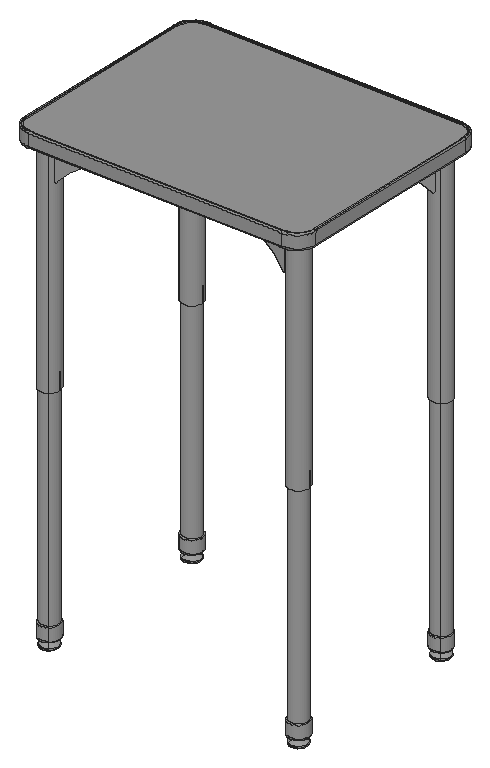
Revit family "Porcelain Steel 26x20 Rectangle Desk - Standing Height", category Furniture, Revit 2018
Family settings
  Work Plane-Based = No
  Always vertical = Yes
  Cut with Voids When Loaded = No
  Shared = No
  Room Calculation Point = No
Parameters
  Table Height = 3' - 5"
  Leg Finish = Hierarchy Leg Platinum
  Caster/Glider = Hierarchy Standing Leg - Glide : Hierarchy Standing Leg - Glide
Reference planes (in)
  plane 1 "Center (Front/Back)": y = 0
  plane 2: z = 0
  plane 3 "Center (Left/Right)": x = 0
  plane 4: z = 41
Dimensions and locks (in)
  "Table Height": plane 4 to level
  aligned and locked: plane 2 to level
  aligned and locked: nested 1 to plane 4
Nested families (in)
  nested 1: "Porcelain 2620 Rectangle Tabletop" at (0, 0, 13.24953), type "Porcelain 2620 Rectangle Tabletop"
  nested 2: "Hierarchy Standing Leg - Glide" at (-11.21965, -8.02708, 0) x (0.5736, -0.8192, 0) z (0, 0, 1), type <- "Caster/Glider", Leg Finish <- "Leg Finish", Leg Height <- "Table Height", type "Hierarchy Standing Leg - Glide"
  nested 3: "Hierarchy Standing Leg - Glide" at (-11.21965, 8.02708, 0) x (0.5736, 0.8192, 0) z (0, 0, 1), type <- "Caster/Glider", Leg Finish <- "Leg Finish", Leg Height <- "Table Height", type "Hierarchy Standing Leg - Glide"
  nested 4: "Hierarchy Standing Leg - Glide" at (11.21965, -8.02708, 0) x (-0.5736, -0.8192, 0) z (0, 0, 1), Leg Finish <- "Leg Finish", Leg Height <- "Table Height", type "Hierarchy Standing Leg - Glide"
  nested 5: "Hierarchy Standing Leg - Glide" at (11.21965, 8.02708, 0) x (-0.5736, 0.8192, 0) z (0, 0, 1), Leg Finish <- "Leg Finish", Leg Height <- "Table Height", type "Hierarchy Standing Leg - Glide"
Definition of nested family "Porcelain 2620 Rectangle Tabletop"
  Reference planes (in)
    plane 1 "Center (Front/Back)": y = 0
    plane 2: z = 0
    plane 3 "Center (Left/Right)": x = 0
  Forms (in)
    Extrusion 1, solid
      sketch origin (0, 0, 0) x (1, 0, 0) y (0, 1, 0)
        loop
          line (12.97243, -8.40556) -> (12.97243, 8.40556)
          arc (12.97243, 8.40556) -> (12.51118, 9.51911) -> (11.39763, 9.98036) r 1.5748
          line (11.39763, 9.98036) -> (-11.39763, 9.98036)
          arc (-11.39763, 9.98036) -> (-12.51118, 9.51911) -> (-12.97243, 8.40556) r 1.5748
          line (-12.97243, 8.40556) -> (-12.97243, -8.40556)
          arc (-12.97243, -8.40556) -> (-12.51118, -9.51911) -> (-11.39763, -9.98036) r 1.5748
          line (-11.39763, -9.98036) -> (11.39763, -9.98036)
          arc (11.39763, -9.98036) -> (12.51118, -9.51911) -> (12.97243, -8.40556) r 1.5748
      from 27.75047 to 28.91848
    Sweep 2, solid
      path origin (58.96943, -14.33672, 14.409) x (1, 0, 0) y (0, 1, 0)
        loop
          line (-71.94186, 22.74228) -> (-71.94186, 5.93116)
          arc (-71.94186, 5.93116) -> (-71.48061, 4.81761) -> (-70.36706, 4.35636) r 1.5748
          line (-70.36706, 4.35636) -> (-47.5718, 4.35636)
          arc (-47.5718, 4.35636) -> (-46.45824, 4.81761) -> (-45.99699, 5.93116) r 1.5748
          line (-45.99699, 5.93116) -> (-45.99699, 22.74228)
          arc (-45.99699, 22.74228) -> (-46.45824, 23.85584) -> (-47.5718, 24.31708) r 1.5748
          line (-47.5718, 24.31708) -> (-70.36706, 24.31708)
          arc (-70.36706, 24.31708) -> (-71.48061, 23.85584) -> (-71.94186, 22.74228) r 1.5748
      profile origin (-12.97243, 0, 14.409) x (1, 0, 0) y (0, 0, 1)
        loop
          line (0, 13.34147) -> (0, 14.50949) -> (0.10571, 14.50949) -> (0.10571, 14.54167)
          arc (0.10571, 14.54167) -> (0.07218, 14.56143) -> (0.03507, 14.57312) r 0.1716
          line (0.03507, 14.57312) -> (-0.03244, 14.57312)
          arc (-0.03244, 14.57312) -> (-0.10136, 14.54458) -> (-0.12991, 14.47566) r 0.09746
          line (-0.12991, 14.47566) -> (-0.12991, 13.3753)
          arc (-0.12991, 13.3753) -> (-0.10137, 13.30639) -> (-0.03246, 13.27785) r 0.09745
          line (-0.03246, 13.27785) -> (0.02521, 13.27783)
          arc (0.02521, 13.27783) -> (0.04767, 13.28412) -> (0.06645, 13.29795) r 0.06478
          line (0.06645, 13.29795) -> (0.06645, 13.34147) -> (0, 13.34147)
  Dimensions and locks (in)
    aligned and locked: plane 2 to level
Definition of nested family "Hierarchy Standing Leg - Glide"
  Parameters (values of type "Hierarchy Standing Leg - Glide")
    Leg Finish [instance] = none
    Leg Height [instance] = 3' - 5"
  Reference planes (in)
    plane 1 "Center (Front/Back)": y = 0
    plane 2: z = 0
    plane 3 "Center (Left/Right)": x = 0
  Forms (in)
    Extrusion 1, solid
      sketch origin (-0.01562, 0, 0) x (1, 0, 0) y (0, 1, 0)
        loop
          circle (0.01563, 0) r 0.79147
      from 2 to 23.175
    Revolve 2, solid
      sketch origin (0, 0, 0) x (1, 0, 0) y (0, 0, 1)
        loop
          line (0, 2) -> (0, 0.74937) -> (0.84838, 0.74937)
          arc (0.84838, 0.74937) -> (0.89342, 0.76803) -> (0.91207, 0.81306) r 0.06369
          line (0.91207, 0.81306) -> (0.91207, 1.93631)
          arc (0.91207, 1.93631) -> (0.89342, 1.98134) -> (0.84838, 2) r 0.06369
          line (0.84838, 2) -> (0, 2)
        axis (0, 2) -> (0, 0.74937)
      angle from 0 to 360
    Revolve 3, solid
      sketch origin (0, 0, 0) x (1, 0, 0) y (0, 0, 1)
        loop
          line (0, 0.75) -> (0, 0) -> (0.74583, 0) -> (0.79147, 0.09013) -> (0.79147, 0.16241) -> (0.12474, 0.5) -> (0.12474, 0.75) -> (0, 0.75)
        axis (0, 0.75) -> (0, 0)
      angle from 0 to 360
  Dimensions and locks (in)
    "Leg Height": nested 1 to level
    aligned and locked: plane 2 to level
  Automatic sketch dimensions
    plane 1 "Center (Front/Back)" to Extrusion 1 sketch curve = 0' - 0"
    Extrusion 1 sketch curve to plane 3 "Center (Left/Right)" = 0' - 0"
    Revolve 2 sketch curve to plane 3 "Center (Left/Right)" = 0' - 0"  (x2)
    plane 3 "Center (Left/Right)" to Revolve 2 sketch curve = 0' - 0.84838"
    Revolve 2 sketch curve to Revolve 2 sketch curve = 0' - 0.84838"
    Revolve 2 sketch curve to Revolve 2 sketch curve = 0' - 0.06369"
    level to Revolve 2 sketch curve = 0' - 0.74937"
    Revolve 2 sketch curve to Revolve 2 sketch curve = 0' - 1.12324"
    Revolve 2 sketch curve to Revolve 2 sketch curve = 0' - 0.13731"
    Revolve 2 sketch curve to Revolve 2 sketch curve = 0' - 0 3/4"
    Revolve 3 sketch curve to plane 3 "Center (Left/Right)" = 0' - 0"  (x2)
    Revolve 3 sketch curve to level = 0' - 0"
    plane 3 "Center (Left/Right)" to Revolve 3 sketch curve = 0' - 0.12474"
    plane 3 "Center (Left/Right)" to Revolve 3 sketch curve = 0' - 0.74583"
    Revolve 3 sketch curve to Revolve 3 sketch curve = 0' - 0.04564"
    level to Revolve 3 sketch curve = 0' - 0.09013"
    Revolve 3 sketch curve to Revolve 3 sketch curve = 0' - 0.07228"
    level to Revolve 3 sketch curve = 0' - 0 1/2"
    Revolve 3 sketch curve to Revolve 3 sketch curve = 0' - 0 1/4"
    Revolve 3 sketch curve to level = 0' - 0 1/8"
    Revolve 3 sketch curve to Revolve 3 sketch curve = 0' - 0 1/8"
    radius of Extrusion 1 sketch curve = 0' - 0.79147"
  Nested families (in)
    nested 1: "Hierarchy Standing Upper Leg 2023" at (0, 0, 0.19983), Leg Finish <- "Leg Finish", type "Hierarchy Standing Upper Leg 2023"
      with Leg Finish none
  Definition of nested family "Hierarchy Standing Upper Leg 2023"
    Parameters (values of type "Hierarchy Standing Upper Leg 2023")
      Leg Finish [instance] = none
    Reference planes (in)
      plane 1 "Center (Front/Back)": y = 0
      plane 2: z = 0
      plane 3 "Center (Left/Right)": x = 0
    Forms (in)
      Extrusion 1, solid, material <- "Leg Finish"
        sketch origin (0, 0, 0) x (1, 0, 0) y (0, 1, 0)
          loop
            circle (0, 0) r 0.9129
        from 20.67418 to 40.67418
      Extrusion 2, solid, material <- "Leg Finish"
        sketch origin (0, 0, 12.998) x (1, 0, 0) y (0, 1, 0)
          loop
            line (-1.70174, 0.19183) -> (-3.96611, -4.49738)
            arc (-3.96611, -4.49738) -> (-3.91977, -5.33444) -> (-3.18615, -5.74016) r 0.86614
            line (-3.18615, -5.74016) -> (3.18615, -5.74016)
            arc (3.18615, -5.74016) -> (3.91977, -5.33444) -> (3.96611, -4.49738) r 0.86614
            line (3.96611, -4.49738) -> (1.70174, 0.19183)
            arc (1.70174, 0.19183) -> (0, 1.25984) -> (-1.70174, 0.19183) r 1.88976
        from 27.67618 to 27.80217
      Extrusion 3, solid, material <- "Leg Finish"
        sketch origin (12.41967, 1.58692, 0) x (0.434844, 0.900506, 0) y (0, 0, 1)
          loop
            arc (-12.68776, 40.67418) -> (-12.80559, 40.56418) -> (-12.70394, 40.43908) r 0.11811
            arc (-12.70394, 40.43908) -> (-9.98192, 39.53509) -> (-7.76426, 37.71614) r 7.87402
            arc (-7.76426, 37.71614) -> (-7.63344, 37.68136) -> (-7.55587, 37.79229) r 0.11811
            line (-7.55587, 37.79229) -> (-7.55587, 40.67418) -> (-12.68776, 40.67418)
        from -11.10976 to -10.98378
      Extrusion 4, solid, material <- "Leg Finish"
        sketch origin (-12.41967, 1.58692, 0) x (-0.434844, 0.900506, 0) y (0, 0, -1)
          loop
            line (-12.68776, -40.67418) -> (-7.55587, -40.67418) -> (-7.55587, -37.79229)
            arc (-7.55587, -37.79229) -> (-7.63344, -37.68136) -> (-7.76426, -37.71614) r 0.11811
            arc (-7.76426, -37.71614) -> (-9.98192, -39.53509) -> (-12.70394, -40.43908) r 7.87402
            arc (-12.70394, -40.43908) -> (-12.80559, -40.56418) -> (-12.68776, -40.67418) r 0.11811
        from -11.10976 to -10.98378
    Dimensions and locks (in)
      aligned and locked: plane 2 to level
